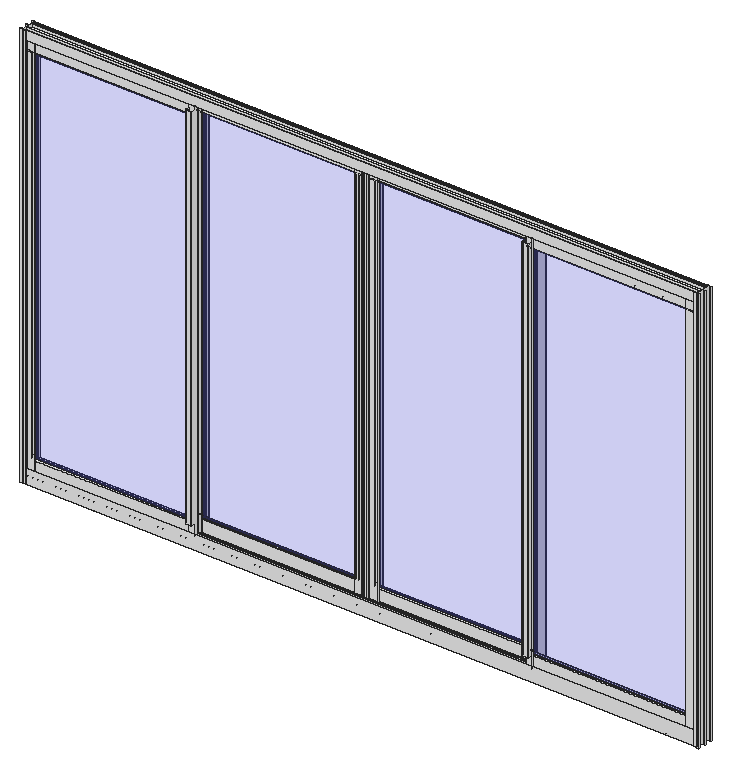
Revit family "Elite_Sliding_Window_XXXX_Standard", category Windows, host Wall, Revit 2014
Parameters (values of type "Elite-3018XXXX-1000Pa")
  Windload Design = if(Custom Windload < 1001 mm, 1000 mm, if(Custom Windload < 1501 mm, 1500 mm, 2000 mm))  # 1000 mm
  Width Sash Side [instance] = 755.75 mm
  Width Sash Middle [instance] = 755.75 mm
  Width = if(Custom Window Width < Limit Window Width Min, Limit Window Width Min, if(Custom Window Width > Limit Window Width Max, Limit Window Width Max, Custom Window Width))  # 2990 mm
  Wall Thickness [instance] = 200 mm
  URL = "http://www.crealco.co.za/crealco-products.php"
  Thermal Resistance (R) [instance] = if(IGDB or SAGDB Number = 1000015, 1.0000 (m²·K)/W / Clearvue U Value, if(IGDB or SAGDB Number = 9922, 1.0000 (m²·K)/W / Energy Advantage U Value, if(IGDB or SAGDB Number = 100100, 1.0000 (m²·K)/W / Intruderprufe U Value, if(IGDB or SAGDB Number = 103200, 1.0000 (m²·K)/W / Intruderprufe LowE U Value, 1.0000 (m²·K)/W / 7.9)))) * 1  # 0.126582 (m²·K)/W
  Solar Heat Gain Coefficient [instance] = if(IGDB or SAGDB Number = 1000015, Clearvue SHGC Value, if(IGDB or SAGDB Number = 9922, Energy Advantage SHGC Value, if(IGDB or SAGDB Number = 100100, Intruderprufe SHGC Value, if(IGDB or SAGDB Number = 103200, Intruderprufe LowE SHGC Value, 0))))  # 0
  Sash Width Middle = (Width - (12 mm * 2) - (2 * Sash Width Sides)) / 2 + 28.5 mm  # 755.75 mm
  Sash Width Sides = if(Equal Sash Width, (Width - (2 mm * 12)) / 4 + (28.5 mm / 2), if(Custom Sash Width Side < Limit Sash Width Side Min, Limit Sash Width Side Min, if(Custom Sash Width Side > Limit Sash Width Side Max, Limit Sash Width Side Max, Custom Sash Width Side)))  # 755.75 mm
  Sash Side Spacing = 1 mm  # constant formula
  Sash Rail Fore Aft Spacing = 5.2 mm  # constant formula
  Sash Height = Height - 29 mm - 54 mm  # 1707 mm
  Sash Frame Seal = 1.3 mm  # constant formula
  Overall Width [instance] = 2990 mm
  Overall Height [instance] = 1790 mm
  Outside Heavy Duty Interlocker = if(Interlocker Configuration = 2 mm, 1 = 1, 1 = 0)  # yes
  Model = "Elite"  # constant formula
  Max Pane Area = if(Area Middle Sash Glazing > Area Side Sash Glazing, Area Middle Sash Glazing, Area Side Sash Glazing)  # 1.12041 m²
  Manufacturer = "Crealco"  # constant formula
  Limit Window Width Min = (4 * Limit Sash Width Min) + (2 mm * 12.5) - (2 * 29.8 mm) + 1.5 mm  # 1166.9 mm
  Limit Window Width Max = if(Windload Design = 1000 mm, 2990 mm, if(Windload Design = 1500 mm, if(Custom Window Height > 1490 mm, 2690 mm, 2990 mm), 2990 mm))  # 2990 mm
  Limit Window Height Min = Limit Sash Height Min + (29 mm + 54 mm)  # 383 mm
  Limit Window Height Max = if(Windload Design = 1000 mm, Limit Sash Height Max + (29 mm + 54 mm), if(Windload Design = 1500 mm, if(and(Custom Window Height > 1490 mm, Custom Window Width > 2690 mm), 1490 mm, Limit Sash Height Max + (29 mm + 54 mm)), 1490 mm))  # 1883 mm
  Limit Sash Width Min = 300 mm  # constant formula
  Limit Sash Width Max = 1500 mm  # constant formula
  Limit Sash Width Side Min = if((Width - (2 mm * 12.5) - (2 * Limit Sash Width Max) + (2 * 29.8 mm) - 1.5 mm) / 2 < Limit Sash Width Min, Limit Sash Width Min, (Width - (2 mm * 12.5) - (2 * Limit Sash Width Max) + (2 * 29.8 mm) - 1.5 mm) / 2)  # 300 mm
  Limit Sash Width Side Max = if((Width - (2 mm * 12.5) - (2 * Limit Sash Width Min) + (2 * 29.8 mm) - 1.5 mm) / 2 > Limit Sash Width Max, Limit Sash Width Max, (Width - (2 mm * 12.5) - (2 * Limit Sash Width Min) + (2 * 29.8 mm) - 1.5 mm) / 2)  # 1211.55 mm
  Limit Sash Height Min = 300 mm  # constant formula
  Limit Sash Height Max = 1800 mm  # constant formula
  Intruderprufe U Value = 6.41
  Intruderprufe SHGC Value = 0.063
  Intruderprufe LowE U Value = 4.8
  Intruderprufe LowE SHGC Value = 0.554
  Interlocker Configuration = if(Windload Design = 1000 mm, if(not(Height > 1190 mm), 0 mm, if(and(Width > 2390 mm, Height > 1490 mm), 2 mm, 1 mm)), if(Windload Design = 1500 mm, if(or(not(Height > 890 mm), and(not(Height > 1190 mm), not(Width > 2690 mm))), 0 mm, if(Height > 1490 mm, 2 mm, 1 mm)), if(not(Height > 890 mm), 0 mm, if(and(Height > 1190 mm, Width > 2390 mm), 2 mm, 1 mm))))  # 2 mm
  IGDB or SAGDB Number [instance] = 0
  Height Sash [instance] = 1707 mm
  Inside Heavy Duty Interlocker = if(or(Interlocker Configuration = 1 mm, Interlocker Configuration = 2 mm), 1 = 1, 1 = 0)  # yes
  Height = if(Custom Window Height < Limit Window Height Min, Limit Window Height Min, if(Custom Window Height > Limit Window Height Max, Limit Window Height Max, Custom Window Height))  # 1790 mm
  Heat Transfer Coefficient (U) [instance] = if(IGDB or SAGDB Number = 1000015, Clearvue U Value, if(IGDB or SAGDB Number = 9922, Energy Advantage U Value, if(IGDB or SAGDB Number = 100100, Intruderprufe U Value, if(IGDB or SAGDB Number = 103200, Intruderprufe LowE U Value, 7.9)))) * 1.0000 W/(m²·K)  # 7.9000 W/(m²·K)
  Glazing Thickness [instance] = if(IGDB or SAGDB Number = 1000015, 4 mm, if(IGDB or SAGDB Number = 9922, 4 mm, if(IGDB or SAGDB Number = 100100, 6 mm, if(IGDB or SAGDB Number = 103200, 7 mm, if(not(Max Pane Area > 0.75 m²), 4 mm, if(not(Max Pane Area > 1.50 m²), 4 mm, if(not(Max Pane Area > 2.10 m²), 5 mm, if(not(Max Pane Area > 2.90 m²), 6.4 mm, if(not(Max Pane Area > 4.30 m²), 8 mm, 10 mm)))))))))  # 4 mm
  Glazing Material [instance] = if(IGDB or SAGDB Number = 1000015, "PFG CLEARVUE 4mm", if(IGDB or SAGDB Number = 9922, "PFG ENERGY ADVANTAGE 4mm LOW-E", if(IGDB or SAGDB Number = 100100, "PFG INTRUDERPRUFE 6.38mm", if(IGDB or SAGDB Number = 103200, "PFG INTRUDERPRUFE LOW-E 7.38mm", "Unknown"))))  # "Unknown"
  Glazing Finish [instance] = Glass
  Glazing Code [instance] = if(IGDB or SAGDB Number = 1000015, "CF4", if(IGDB or SAGDB Number = 9922, "CF4E", if(IGDB or SAGDB Number = 100100, "LAM01", if(IGDB or SAGDB Number = 103200, "LAM01E", "Unknown"))))  # "Unknown"
  Frame Thickness = 70.3 mm  # constant formula
  Frame Offset From Exterior [instance] = if(Centered In Wall, (Wall Thickness - Frame Thickness) / 2, Custom Frame Offset From Exterior)  # 64.85 mm
  Equal Sash Width = yes
  Energy Advantage U Value = 4.95
  Energy Advantage SHGC Value = 0.595
  Description = "Sliding window, XXXX"  # constant formula
  Default Sill Height = 800 mm
  Wall Closure = By host
  Custom Window Width = 2990 mm
  Custom Window Height = 1790 mm
  Custom Windload = 1000 mm
  Custom Sash Width Side = 800 mm
  Custom Frame Offset From Exterior = 0 mm
  Clearvue U Value = 6.54
  Clearvue SHGC Value = 0.664
  Centered In Wall = yes
  Astragal Sash Gap = 0.9 mm  # constant formula
  Area Middle Sash Glazing = (Sash Width Middle - 21 mm - 41 mm) * (Sash Height - (46 mm * 2))  # 1.12041 m²
  Area Side Sash Glazing = (Sash Width Sides - 21 mm - 41 mm) * (Sash Height - (46 mm * 2))  # 1.12041 m²
  Aluminium Finish [instance] = White Powder Coated Aluminium ANP 1052
  All Available Glazing Numbers [instance] = "The rows below list the available glazing materials for this window:"  # constant formula
  9922 [instance] = "CF4E"  # constant formula
  103200 [instance] = "LAM01E"  # constant formula
  100100 [instance] = "LAM01"  # constant formula
  1000015 [instance] = "CF4"  # constant formula
Reference planes
  plane 1 "Center (Front/Back)": y = 0
  plane 2 "Center (Left/Right)": x = 0
  plane 3 "Left": x = -1495
  plane 4 "Right": x = 1495
  plane 5 "Sill": z = 800
  plane 6 "Head": z = 2590
  plane 7 "Exterior": y = 100
  plane 8 "Interior": y = -100
Lines and regions (mm)
  Opening 1
    outline origin (3500, -100, 0) x (1, 0, 0) y (0, 0, 1)
      loop
        line (-2005, 800) -> (-2005, 2590) -> (-4995, 2590) -> (-4995, 800) -> (-2005, 800)
Text (mm)
  text "EXTERIOR" at (-1963.203, 1332.353, 0), in view "Ref. Level"
  text "INTERIOR" at (-1981.466, -818.386, 0), in view "Ref. Level"
  text "Exterior" at (0, 923.751, 2943.296), in view "Right"
  text "Exterior" at (0, 1040.484, 2685.409), in view "Left"
Dimensions and locks
  equal spacing: plane 3 "Left", plane 2 "Center (Left/Right)", plane 4 "Right"
  "Width": plane 3 "Left" to plane 4 "Right"
  "Height": plane 5 "Sill" to plane 6 "Head"
  "Default Sill Height": plane 5 "Sill" to level
  locked: plane 7 "Exterior" to host wall at 0
  locked: plane 8 "Interior" to host wall
  "Overall Height": plane 6 "Head" to plane 5 "Sill"
  "Overall Width": plane 3 "Left" to plane 4 "Right"
  locked: host wall to nested 1 at 35.15
  "Sash Side Spacing": nested 1 to nested 2
  "Sash Side Spacing": nested 3 to nested 1  (x2)
  "Sash Side Spacing": nested 2 to nested 1
  "Sash Rail Fore Aft Spacing": nested 4 to nested 1
  "Sash Rail Fore Aft Spacing": nested 5 to nested 1
  "Width Sash Side": nested 3 to nested 3
  "Height Sash": nested 3 to nested 3
  "Width Sash Middle": nested 5 to nested 5
  "Wall Thickness": host wall to host wall
  aligned and locked: nested 1 to plane 6 "Head"
  aligned and locked: nested 1 to plane 4 "Right"
  aligned and locked: nested 4 to nested 2
  aligned and locked: nested 5 to nested 3
  aligned and locked: nested 5 to nested 1
  aligned and locked: nested 4 to nested 1
  aligned and locked: nested 3 to nested 1
  aligned and locked: nested 2 to nested 1
  aligned and locked: nested 6 to nested 5
  aligned and locked: nested 5 to nested 6  (x2)
Automatic sketch dimensions
  plane 3 "Left" to Opening 1 sketch curve = 0 mm
  plane 4 "Right" to Opening 1 sketch curve = 0 mm
  Opening 1 sketch curve to plane 5 "Sill" = 0 mm
  Opening 1 sketch curve to plane 6 "Head" = 0 mm
Nested families
  nested 1: "Elite_Frame_XXXX_Std" at (-206.5, -54.85, 1480.667), Width <- "Width", Height <- "Height", Profile Material <- "Aluminium Finish", type "Elite_Frame_XXXX_Std"
    with Width 2990 mm, Profile Material White Powder Coated Aluminium ANP 1052, Length Jamb 1790 mm, Length Head & Sill 2967 mm, Height 1790 mm
  nested 2: "Elite_Sash_Inner_XXXX_Std" at (-1482.5, -30.5, 854) x (-1, 0, 0) z (0, 0, 1), Profile Material <- "Aluminium Finish", Glazing Material <- "Glazing Finish", Sash Width <- "Sash Width Sides", Sash Height <- "Sash Height", Glazing Thickness <- "Glazing Thickness", Is Heavy Duty Interlocker <- "Inside Heavy Duty Interlocker", type "Elite_Sash_Inner_XXXX_Std"
    with Sash Width 755.75 mm, Sash Height 1707 mm, Right Sliding yes, Profile Material White Powder Coated Aluminium ANP 1052, Length Sash Head & Sill 739.75 mm, Length Arrow Tip 66.177 mm, Length Arrow 218.383 mm, Left Sliding no, Is Standard Interlocker no, Is Sliding yes, Is Heavy Duty Interlocker yes, Glazing Width 693.75 mm, Glazing Thickness 4 mm, Glazing Start -2 mm, Glazing Material Glass, Glazing Height 1615 mm, Glazing Frame Side Gap 3 mm, Glazing End 2 mm, Arrow Tip Length 66.177 mm, Arrow Left Gap 237.683 mm, Arrow Bottom Gap 807.5 mm
  nested 3: "Elite_Sash_Inner_XXXX_Std" at (1482.5, -30.5, 854), Sash Width <- "Sash Width Sides", Sash Height <- "Sash Height", Profile Material <- "Aluminium Finish", Glazing Material <- "Glazing Finish", Glazing Thickness <- "Glazing Thickness", Is Heavy Duty Interlocker <- "Inside Heavy Duty Interlocker", type "Elite_Sash_Inner_XXXX_Std"
    with Sash Width 755.75 mm, Sash Height 1707 mm, Right Sliding yes, Profile Material White Powder Coated Aluminium ANP 1052, Length Sash Head & Sill 739.75 mm, Length Arrow Tip 66.177 mm, Length Arrow 218.383 mm, Left Sliding no, Is Standard Interlocker no, Is Sliding yes, Is Heavy Duty Interlocker yes, Glazing Width 693.75 mm, Glazing Thickness 4 mm, Glazing Start -2 mm, Glazing Material Glass, Glazing Height 1615 mm, Glazing Frame Side Gap 3 mm, Glazing End 2 mm, Arrow Tip Length 66.177 mm, Arrow Left Gap 237.683 mm, Arrow Bottom Gap 807.5 mm
  nested 4: "Elite_Sash_Outer_XXXX_Std" at (-0.8, 30.15, 854), Sash Width <- "Sash Width Middle", Sash Height <- "Sash Height", Profile Material <- "Aluminium Finish", Glazing Material <- "Glazing Finish", Glazing Thickness <- "Glazing Thickness", Is Heavy Duty Interlocker <- "Outside Heavy Duty Interlocker", type "Elite_Sash_Outer_XXXX_Std"
    with Sash Width 755.75 mm, Sash Height 1707 mm, Right Sliding yes, Profile Material White Powder Coated Aluminium ANP 1052, Length Sash Head & Sill 739.75 mm, Length Arrow Tip 66.177 mm, Length Arrow 218.383 mm, Left Sliding no, Is Standard Interlocker no, Is Sliding yes, Is Heavy Duty Interlocker yes, Glazing Width 693.75 mm, Glazing Thickness 4 mm, Glazing Start -2 mm, Glazing Material Glass, Glazing Height 1615 mm, Glazing Frame Side Gap 3 mm, Glazing End 2 mm, Arrow Tip Length 66.177 mm, Arrow Left Gap 237.683 mm, Arrow Bottom Gap 807.5 mm
  nested 5: "Elite_Sash_Outer_XXXX_Std" at (0.8, 30.15, 854) x (-1, 0, 0) z (0, 0, 1), Sash Width <- "Sash Width Middle", Sash Height <- "Sash Height", Profile Material <- "Aluminium Finish", Glazing Material <- "Glazing Finish", Glazing Thickness <- "Glazing Thickness", Is Heavy Duty Interlocker <- "Outside Heavy Duty Interlocker", type "Elite_Sash_Outer_XXXX_Std"
    with Sash Width 755.75 mm, Sash Height 1707 mm, Right Sliding yes, Profile Material White Powder Coated Aluminium ANP 1052, Length Sash Head & Sill 739.75 mm, Length Arrow Tip 66.177 mm, Length Arrow 218.383 mm, Left Sliding no, Is Standard Interlocker no, Is Sliding yes, Is Heavy Duty Interlocker yes, Glazing Width 693.75 mm, Glazing Thickness 4 mm, Glazing Start -2 mm, Glazing Material Glass, Glazing Height 1615 mm, Glazing Frame Side Gap 3 mm, Glazing End 2 mm, Arrow Tip Length 66.177 mm, Arrow Left Gap 237.683 mm, Arrow Bottom Gap 807.5 mm
  nested 6: "Elite_Meeting_Stile_Adaptor_XXXX_Std" at (-9.95, 45.45, 854) x (0, -1, 0) z (0, 0, 1), Profile Material <- "Aluminium Finish", Length Meeting Stile Adaptor <- "Sash Height", type "Elite_Meeting_Stile_Adaptor_XXXX_Std"
    with Profile Material White Powder Coated Aluminium ANP 1052, Length Meeting Stile Adaptor 1707 mm
Definition of nested family "Elite_Frame_XXXX_Std"
  Parameters (values of type "Elite_Frame_OXXO_XOX")
    Width [instance] = 1200 mm
    Profile Material [instance] = none
    Length Jamb [instance] = Height  # 900 mm
    Length Head & Sill [instance] = Width - 2 * 11.5 mm  # 1177 mm
    Height [instance] = 900 mm
  Reference planes
    plane 1 "Center (Front/Back)": y = 0
    plane 2: z = 0
    plane 3 "Center (Left/Right)": x = 0
  Dimensions and locks
    aligned and locked: level to plane 2
    aligned and locked: nested 4 to nested 2
    aligned and locked: nested 2 to nested 4  (x2)
    aligned and locked: nested 3 to nested 2  (x3)
    aligned and locked: nested 1 to nested 4  (x2)
    aligned and locked: nested 4 to nested 1
  Nested families
    nested 1: "Elite_Frame_Head" at (-1277, 21.2, 968.793), Length Frame Head <- "Length Head & Sill", Profile Material <- "Profile Material", type "Elite_Frame_Head"
      with Profile Material none, Length Frame Head 1177 mm
    nested 2: "Elite_Frame_Sill" at (-100, 88.2, 209.333) x (-1, 0, 0) z (0, 0, 1), Profile Material <- "Profile Material", Length Frame Sill <- "Length Head & Sill", type "Elite_Frame_Sill"
      with Profile Material none, Length Frame Sill 1177 mm
    nested 3: "Elite_Frame_Jamb" at (-1264, 19.7, 209.333) x (0, 1, 0) z (0, 0, 1), Profile Material <- "Profile Material", Length Frame Jamb <- "Length Jamb", type "Elite_Frame_Jamb"
      with Profile Material none, Length Frame Jamb 900 mm
    nested 4: "Elite_Frame_Jamb_Mirror" at (-113, 90, 209.333) x (0, -1, 0) z (0, 0, 1), Profile Material <- "Profile Material", Length Frame Jamb <- "Length Jamb", type "Elite_Frame_Jamb_Mirror"
      with Profile Material none, Length Frame Jamb 900 mm
  Definition of nested family "Elite_Frame_Head"
    Parameters (values of type "Elite_Frame_Head")
      Profile Material [instance] = none
      Length Frame Head [instance] = 250 mm
    Reference planes
      plane 1 "Center (Front/Back)": y = 0
      plane 2: z = 0
      plane 3 "Center (Left/Right)": x = 0
    Forms (mm)
      Extrusion 1, solid, material <- "Profile Material"
        sketch origin (0, 0, 0) x (0, 1, 0) y (0, 0, 1)
          loop
            line (11.5, 102.54) -> (20.5, 102.54) -> (20.5, 111.54) -> (19.1, 111.54) -> (19.1, 103.94) -> (12.9, 103.94) -> (12.9, 128.64) -> (54.1, 128.64) -> (54.1, 103.94) -> (47.9, 103.94) -> (47.9, 111.54) -> (46.5, 111.54) -> (46.5, 102.54) -> (55.5, 102.54) -> (55.5, 128.64) -> (65.5, 128.64) -> (65.5, 102.54) -> (67, 102.54) -> (67, 140.54) -> (61.65, 140.54) -> (61.65, 139.14) -> (65.5, 139.14) -> (65.5, 130.04) -> (49.298, 130.04) -> (49.298, 140.54) -> (47.9, 140.54) -> (47.9, 130.04) -> (19.1, 130.04) -> (19.1, 140.54) -> (17.7, 140.54) -> (17.7, 130.04) -> (1.5, 130.04) -> (1.5, 139.14) -> (5.35, 139.14) -> (5.35, 140.54) -> (0, 140.54) -> (0, 102.54) -> (1.5, 102.54) -> (1.5, 128.64) -> (11.5, 128.64) -> (11.5, 102.54)
        from 0 to 250 <- "Length Frame Head"
    Dimensions and locks
      aligned and locked: level to plane 2
  Definition of nested family "Elite_Frame_Sill"
    Parameters (values of type "Elite_Frame_Sill")
      Profile Material [instance] = none
      Length Frame Sill [instance] = 250 mm
    Reference planes
      plane 1 "Center (Front/Back)": y = 0
      plane 2: z = 0
      plane 3 "Center (Left/Right)": x = 0
    Forms (mm)
      Extrusion 1, solid, material <- "Profile Material"
        sketch origin (0, 0, 0) x (0, 1, 0) y (0, 0, 1)
          loop
            line (20.5, 61.807) -> (15.922, 62.99) -> (11.5, 61.805) -> (11.5, 54) -> (12.9, 54) -> (12.9, 60.734) -> (16.078, 61.54) -> (19.1, 60.731) -> (19.1, 37) -> (12.88, 36.997) -> (0, 35.262) -> (0, 11.5) -> (1.4, 11.5) -> (1.4, 15) -> (12, 15) -> (12, 0) -> (17, 0) -> (17, 1) -> (13.4, 1) -> (13.4, 5) -> (17, 5) -> (17, 6) -> (13.4, 6) -> (13.4, 18.532) -> (65.6, 20.009) -> (65.6, 6) -> (62, 6) -> (62, 5) -> (65.6, 5) -> (65.6, 1) -> (62, 1) -> (62, 0) -> (67, 0) -> (67, 63) -> (65.6, 63) -> (65.6, 37) -> (55.5, 37) -> (55.5, 61.807) -> (50.922, 62.99) -> (46.5, 61.805) -> (46.5, 54) -> (47.9, 54) -> (47.9, 60.734) -> (51.078, 61.54) -> (54.1, 60.731) -> (54.1, 37) -> (20.5, 37) -> (20.5, 61.807)
          loop
            line (65.6, 35.6) -> (12.994, 35.6) -> (1.4, 34.038) -> (1.4, 16.4) -> (12, 16.4) -> (12, 19.893) -> (65.6, 21.409) -> (65.6, 35.6)
        from 0 to 250 <- "Length Frame Sill"
    Dimensions and locks
      aligned and locked: level to plane 2
  Definition of nested family "Elite_Frame_Jamb"
    Parameters (values of type "Elite_Frame_Jamb")
      Void Spacing Top = 13 mm  # constant formula
      Void Spacing Bottom = 38 mm  # constant formula
      Void Cut Length = 13 mm  # constant formula
      Profile Material [instance] = none
      Length Frame Jamb [instance] = 250 mm
    Reference planes
      plane 1 "Center (Front/Back)": y = 0
      plane 2: z = 0
      plane 3 "Center (Left/Right)": x = 0
    Forms (mm)
      Extrusion 1, solid, material <- "Profile Material"
        sketch origin (-5.594, -3.252, 0) x (1, 0, 0) y (0, 1, 0)
          loop
            line (7.094, 26.252) -> (12.594, 26.252) -> (12.594, 27.752) -> (5.594, 27.752) -> (5.594, 3.252) -> (7.094, 3.252) -> (7.094, 16.252) -> (14.744, 16.252) -> (14.744, 10.793) -> (17.03, 3.252) -> (18.599, 3.252) -> (15.994, 11.791) -> (15.994, 16.252) -> (30.494, 16.252) -> (30.494, 11.791) -> (27.888, 3.252) -> (29.457, 3.252) -> (31.744, 10.75) -> (31.744, 16.252) -> (74.394, 16.252) -> (74.394, 3.252) -> (75.894, 3.252) -> (75.894, 27.752) -> (68.894, 27.752) -> (68.894, 26.252) -> (74.394, 26.252) -> (74.394, 17.752) -> (41.394, 17.752) -> (41.394, 27.752) -> (40.094, 27.752) -> (40.094, 17.752) -> (7.094, 17.752) -> (7.094, 26.252)
        from 0 to 250 <- "Length Frame Jamb"
      Extrusion 2, void
        sketch origin (68.8, 0, 0) x (-1, 0, 0) y (0, 0, 1)
          loop
            line (59.65, 250) -> (42.649, 250) -> (42.649, 237) -> (59.65, 237) -> (59.65, 250)
          loop
            line (42.649, 0) -> (59.65, 0) -> (59.65, 38) -> (42.649, 38) -> (42.649, 0)
        from 0 to 13 <- "Void Cut Length"
    Cuts and joins
      Extrusion 2 cuts Extrusion 1
    Dimensions and locks
      "Void Spacing Bottom": Extrusion 2 sketch curve to Extrusion 2 sketch curve
      "Void Spacing Top": Extrusion 2 sketch curve to Extrusion 2 sketch curve
      aligned and locked: level to plane 2
      aligned and locked: Extrusion 2 sketch curve to Extrusion 1  (x6)
    Automatic sketch dimensions
      plane 1 "Center (Front/Back)" to Extrusion 1 sketch curve = 0 mm  (x4)
      Extrusion 1 sketch curve to plane 3 "Center (Left/Right)" = 0 mm
      plane 3 "Center (Left/Right)" to Extrusion 1 sketch curve = 1.5 mm  (x2)
      Extrusion 1 sketch curve to Extrusion 1 sketch curve = 5.5 mm  (x2)
      Extrusion 1 sketch curve to Extrusion 1 sketch curve = 7.65 mm
      Extrusion 1 sketch curve to Extrusion 1 sketch curve = 1.25 mm
      Extrusion 1 sketch curve to Extrusion 1 sketch curve = 2.287 mm
      Extrusion 1 sketch curve to Extrusion 1 sketch curve = 1.569 mm
      Extrusion 1 sketch curve to Extrusion 1 sketch curve = 9.29 mm
      Extrusion 1 sketch curve to Extrusion 1 sketch curve = 1.568 mm
      Extrusion 1 sketch curve to Extrusion 1 sketch curve = 1.037 mm
      Extrusion 1 sketch curve to plane 1 "Center (Front/Back)" = 7.498 mm
      Extrusion 1 sketch curve to Extrusion 1 sketch curve = 1.251 mm
      Extrusion 1 sketch curve to Extrusion 1 sketch curve = 8.349 mm
      Extrusion 1 sketch curve to Extrusion 1 sketch curve = 1.3 mm
      Extrusion 1 sketch curve to Extrusion 1 sketch curve = 27.5 mm
      Extrusion 1 sketch curve to Extrusion 1 sketch curve = 0 mm  (x3)
      Extrusion 1 sketch curve to Extrusion 1 sketch curve = 1.5 mm  (x5)
      Extrusion 1 sketch curve to plane 1 "Center (Front/Back)" = 7.54 mm
      Extrusion 1 sketch curve to Extrusion 1 sketch curve = 0.998 mm
      Extrusion 1 sketch curve to Extrusion 1 sketch curve = 1.041 mm
      Extrusion 1 sketch curve to Extrusion 1 sketch curve = 4.461 mm
      Extrusion 1 sketch curve to Extrusion 1 sketch curve = 8.5 mm  (x2)
      Extrusion 1 sketch curve to Extrusion 1 sketch curve = 10 mm
  Definition of nested family "Elite_Frame_Jamb_Mirror"
    Parameters (values of type "Elite_Frame_Jamb_Mirror")
      Void Spacing Top = 13 mm  # constant formula
      Void Spacing Bottom = 38 mm  # constant formula
      Void Cut Length = 13 mm  # constant formula
      Profile Material [instance] = none
      Length Frame Jamb [instance] = 250 mm
    Reference planes
      plane 1 "Center (Front/Back)": y = 0
      plane 2: z = 0
      plane 3 "Center (Left/Right)": x = 0
    Forms (mm)
      Extrusion 1, solid, material <- "Profile Material"
        sketch origin (-5.594, -3.252, 0) x (1, 0, 0) y (0, 1, 0)
          loop
            line (74.394, 26.252) -> (74.394, 17.752) -> (41.394, 17.752) -> (41.394, 27.752) -> (40.094, 27.752) -> (40.094, 17.752) -> (7.094, 17.752) -> (7.094, 26.252) -> (12.594, 26.252) -> (12.594, 27.752) -> (5.594, 27.752) -> (5.594, 3.252) -> (7.094, 3.252) -> (7.094, 16.252) -> (49.743, 16.252) -> (49.743, 10.75) -> (52.03, 3.252) -> (53.599, 3.252) -> (50.994, 11.791) -> (50.994, 16.252) -> (65.494, 16.252) -> (65.494, 11.791) -> (62.888, 3.252) -> (64.457, 3.252) -> (66.744, 10.793) -> (66.744, 16.252) -> (74.394, 16.252) -> (74.394, 3.252) -> (75.894, 3.252) -> (75.894, 27.752) -> (68.894, 27.752) -> (68.894, 26.252) -> (74.394, 26.252)
        from 0 to 250 <- "Length Frame Jamb"
      Extrusion 2, void
        sketch origin (70.3, 0, 0) x (1, 0, 0) y (0, 0, -1)
          loop
            line (-26.151, -237) -> (-26.151, -250) -> (-9.15, -250) -> (-9.15, -237) -> (-26.151, -237)
          loop
            line (-26.151, -38) -> (-9.15, -38) -> (-9.15, 0) -> (-26.151, 0) -> (-26.151, -38)
        from 0 to 13 <- "Void Cut Length"
    Cuts and joins
      Extrusion 2 cuts Extrusion 1
    Dimensions and locks
      "Void Spacing Top": Extrusion 2 sketch curve to Extrusion 2 sketch curve
      "Void Spacing Bottom": Extrusion 2 sketch curve to Extrusion 2 sketch curve
      aligned and locked: level to plane 2
      aligned and locked: Extrusion 1 to Extrusion 2 sketch curve  (x2)
      aligned and locked: Extrusion 2 sketch curve to Extrusion 1
      aligned and locked: Extrusion 2 sketch curve to cut or joined group of Extrusion 1, Extrusion 2  (x3)
    Automatic sketch dimensions
      Extrusion 1 sketch curve to plane 3 "Center (Left/Right)" = 0 mm
      plane 1 "Center (Front/Back)" to Extrusion 1 sketch curve = 0 mm  (x4)
      plane 3 "Center (Left/Right)" to Extrusion 1 sketch curve = 1.5 mm  (x2)
      Extrusion 1 sketch curve to Extrusion 1 sketch curve = 5.5 mm  (x2)
      Extrusion 1 sketch curve to Extrusion 1 sketch curve = 27.5 mm
      Extrusion 1 sketch curve to Extrusion 1 sketch curve = 1.3 mm
      Extrusion 1 sketch curve to Extrusion 1 sketch curve = 8.349 mm
      Extrusion 1 sketch curve to Extrusion 1 sketch curve = 1.251 mm
      Extrusion 1 sketch curve to Extrusion 1 sketch curve = 2.288 mm
      Extrusion 1 sketch curve to Extrusion 1 sketch curve = 1.568 mm
      Extrusion 1 sketch curve to Extrusion 1 sketch curve = 9.29 mm
      Extrusion 1 sketch curve to Extrusion 1 sketch curve = 1.569 mm
      Extrusion 1 sketch curve to Extrusion 1 sketch curve = 1.037 mm
      Extrusion 1 sketch curve to Extrusion 1 sketch curve = 1.25 mm
      Extrusion 1 sketch curve to Extrusion 1 sketch curve = 2.15 mm
      Extrusion 1 sketch curve to Extrusion 1 sketch curve = 0 mm  (x3)
      Extrusion 1 sketch curve to Extrusion 1 sketch curve = 1.5 mm  (x5)
      Extrusion 1 sketch curve to plane 1 "Center (Front/Back)" = 7.498 mm
      Extrusion 1 sketch curve to plane 1 "Center (Front/Back)" = 7.54 mm
      Extrusion 1 sketch curve to Extrusion 1 sketch curve = 0.998 mm
      Extrusion 1 sketch curve to Extrusion 1 sketch curve = 1.041 mm
      Extrusion 1 sketch curve to Extrusion 1 sketch curve = 4.461 mm
      Extrusion 1 sketch curve to Extrusion 1 sketch curve = 8.5 mm  (x2)
      Extrusion 1 sketch curve to Extrusion 1 sketch curve = 10 mm
Definition of nested family "Elite_Sash_Inner_XXXX_Std"
  Parameters (values of type "Elit_Sash_Inner")
    Top&Bottom Side Spacing = 14.5 mm  # constant formula
    Sash Width [instance] = 1500 mm
    Sash Height [instance] = 1200 mm
    Right Sliding [instance] = yes
    Profile Material [instance] = White Powder Coated Aluminium ANP 1052
    Overlap Gap = 1.4 mm  # constant formula
    Middle of Glazing = 13 mm  # constant formula
    Length Sash Head & Sill [instance] = Sash Width - 14.5 mm - 1.5 mm  # 1484 mm
    Length Arrow Tip [instance] = Length Arrow / 3.3  # 141.354 mm
    Length Arrow [instance] = (Sash Width - (2 * 50.3 mm)) / 3  # 466.467 mm
    Left Sliding [instance] = yes
    Is Standard Interlocker [instance] = not(Is Heavy Duty Interlocker)  # no
    Is Sliding [instance] = if(or(Right Sliding, Left Sliding), 1 = 1, 1 = 2)  # yes
    Is Heavy Duty Interlocker [instance] = yes
    Glazing Width [instance] = Sash Width - 21 mm - 41 mm  # 1438 mm
    Glazing Thickness [instance] = 6.4 mm
    Glazing Start [instance] = -Glazing Thickness / 2  # -3.2 mm
    Glazing Side Spacing = 41 mm  # constant formula
    Glazing Profile Gap = 459.05 mm
    Glazing Material [instance] = Glass
    Glazing Height [instance] = Sash Height - (46 mm * 2)  # 1108 mm
    Glazing Frame Side Gap [instance] = (10 mm - Glazing Thickness) / 2  # 1.8 mm
    Glazing Frame Gap = 5 mm  # constant formula
    Glazing End [instance] = Glazing Thickness / 2  # 3.2 mm
    Glazing Edge Interlocker Gap = 17 mm  # constant formula
    Glazing Edge Bottom and Top Gap = 46 mm  # constant formula
    Arrow Tip Length [instance] = if((Sash Height - (2 * 50.3 mm)) / 8 > Length Arrow / 3.3, Length Arrow / 3.3, (Sash Height - (2 * 50.3 mm)) / 8)  # 137.425 mm
    Arrow Tip Angle = 45.00°
    Arrow Left Gap [instance] = (Sash Width - 21 mm - 41 mm - Length Arrow) / 2  # 485.767 mm
    Arrow Bottom Gap [instance] = Sash Height / 2 - 46 mm  # 554 mm
    1.5 Spacing = 1.5 mm  # constant formula
  Reference planes
    plane 1 "Center (Front/Back)": y = 0
    plane 2: z = 0
    plane 3 "Center (Left/Right)": x = 0
    plane 4: y = -13
  Forms (mm)
    Extrusion 1, solid, material "Glass" <- "Glazing Material"
      sketch origin (-1492.688, -13, 1709.9) x (-1, 0, 0) y (0, 0, 1)
        loop
          line (-13.688, -555.9) -> (-1451.688, -555.9) -> (-1451.688, -1663.9) -> (-13.688, -1663.9) -> (-13.688, -555.9)
      from -3.2 <- "Glazing Start" to 3.2 <- "Glazing End"
  Lines and regions (mm)
    model lines, visible <- "Is Sliding"
      curve 1: line (-993.233, -16.2, 600) -> (-526.767, -16.2, 600)
    model lines, visible <- "Left Sliding"
      curve 2: line (-526.767, -16.2, 600) -> (-623.941, -16.2, 697.174)
      curve 3: line (-526.767, -16.2, 600) -> (-623.941, -16.2, 502.826)
    model lines, visible <- "Right Sliding"
      curve 4: line (-993.233, -16.2, 600) -> (-893.281, -16.2, 699.952)
      curve 5: line (-993.233, -16.2, 600) -> (-893.281, -16.2, 500.048)
  Dimensions and locks
    "Length Arrow": curve 1 to curve 1
    "Arrow Left Gap": Extrusion 1 to curve 1
    "Arrow Bottom Gap": Extrusion 1 to curve 1
    "Arrow Tip Length": curve 3 to curve 2
    "Arrow Tip Length": curve 3 to curve 3
    "Length Arrow Tip": curve 5 to curve 5
    "Length Arrow Tip": curve 5 to curve 4
    "Middle of Glazing": plane 4 to plane 1 "Center (Front/Back)"
    "Glazing Width": Extrusion 1 to Extrusion 1
    "Glazing Height": Extrusion 1 to Extrusion 1
    "Sash Width": nested 2 to plane 3 "Center (Left/Right)"
    "Glazing Side Spacing": Extrusion 1 to plane 3 "Center (Left/Right)"
    "1.5 Spacing": nested 3 to plane 1 "Center (Front/Back)"
    "Top&Bottom Side Spacing": nested 3 to plane 3 "Center (Left/Right)"
    "Top&Bottom Side Spacing": nested 4 to plane 3 "Center (Left/Right)"
    "1.5 Spacing": nested 4 to plane 1 "Center (Front/Back)"
    "Sash Height": nested 3 to plane 2
    "Glazing Edge Bottom and Top Gap": plane 2 to Extrusion 1
    "Sash Width": nested 5 to plane 3 "Center (Left/Right)"
    "Arrow Tip Angle": angle curve 3 to curve 1
    "Arrow Tip Angle": angle curve 1 to curve 2
    "Arrow Tip Angle": angle curve 4 to curve 1
    "Arrow Tip Angle": angle curve 1 to curve 5
    aligned and locked: level to plane 2
    aligned and locked: plane 3 "Center (Left/Right)" to nested 1
    aligned and locked: nested 1 to plane 2
    aligned and locked: nested 4 to plane 2
    aligned and locked: nested 2 to plane 2
    aligned and locked: nested 2 to plane 1 "Center (Front/Back)"
    aligned and locked: nested 5 to plane 1 "Center (Front/Back)"
    aligned and locked: nested 5 to plane 2
  Automatic sketch dimensions
    Extrusion 1 sketch curve to Extrusion 1 sketch curve = 1108 mm
    level to Extrusion 1 sketch curve = 46 mm
    Extrusion 1 sketch curve to plane 3 "Center (Left/Right)" = 41 mm
    Extrusion 1 sketch curve to Extrusion 1 sketch curve = 1438 mm
  Nested families
    nested 1: "Elite_Lock_Stile" at (0, -26, 0) x (0, 1, 0) z (0, 0, 1), Profile Material <- "Profile Material", Length Lock Stile <- "Sash Height", type "Elite_Lock_Stile"
      with Profile Material White Powder Coated Aluminium ANP 1052, Length Lock Stile 1200 mm
    nested 2: "Elite_Interlocker" at (-1506.667, 6.916, 0) x (0, -1, 0) z (0, 0, 1), Profile Material <- "Profile Material", Length Interlocker <- "Sash Height", visible <- "Is Standard Interlocker", type "Elite_Interlocker"
      with Profile Material White Powder Coated Aluminium ANP 1052, Length Interlocker 1200 mm
    nested 3: "Elite_Sash_Top" at (-1498.5, -24.2, 1052), Profile Material <- "Profile Material", Length Sash Top <- "Length Sash Head & Sill", type "Elite_Sash_Top"
      with Profile Material White Powder Coated Aluminium ANP 1052, Length Sash Top 1484 mm
    nested 4: "Elite_Sash_Bottom" at (-1498.5, -24.2, 0), Profile Material <- "Profile Material", Length Sash Bottom <- "Length Sash Head & Sill", type "Elite_Sash_Bottom"
      with Profile Material White Powder Coated Aluminium ANP 1052, Length Sash Bottom 1484 mm
    nested 5: "Elite_Heavy_Duty_Interlocker_Inside" at (-1500, 20, 0) x (0, -1, 0) z (0, 0, 1), Length Heavy Duty Interlocker <- "Sash Height", Profile Material <- "Profile Material", visible <- "Is Heavy Duty Interlocker", type "Elite_Heavy_Duty_Interlocker_Inside"
      with Profile Material White Powder Coated Aluminium ANP 1052, Length Heavy Duty Interlocker 1200 mm
  Definition of nested family "Elite_Lock_Stile"
    Parameters (values of type "Elite_Lock_Stile")
      Width Rail Cut = 13 mm  # constant formula
      Side Gap Rail Cut = 5 mm  # constant formula
      Profile Material [instance] = none
      Length Lock Stile [instance] = 250 mm
      Height Rail Cut = 26 mm  # constant formula
      Height Large Cut = 55 mm  # constant formula
    Reference planes
      plane 1 "Center (Front/Back)": y = 0
      plane 2: z = 0
      plane 3 "Center (Left/Right)": x = 0
    Forms (mm)
      Extrusion 1, solid, material <- "Profile Material"
        sketch origin (0, 0, 0) x (1, 0, 0) y (0, 1, 0)
          loop
            line (0, 0) -> (3.5, 0) -> (3.5, 2.4) -> (2.5, 2.4) -> (2.5, 1.2) -> (1.2, 1.2) -> (1.2, 8.8) -> (2.5, 8.8) -> (2.5, 7.6) -> (3.5, 7.6) -> (3.5, 10) -> (1.5, 10) -> (1.5, 13) -> (24.5, 13) -> (24.5, 10) -> (22.5, 10) -> (22.5, 7.6) -> (23.5, 7.6) -> (23.5, 8.8) -> (24.8, 8.8) -> (24.8, 1.2) -> (23.5, 1.2) -> (23.5, 2.4) -> (22.5, 2.4) -> (22.5, 0) -> (26, 0) -> (26, 49.8) -> (24.5, 49.8) -> (24.5, 49) -> (18, 49) -> (18, 43) -> (19.5, 43) -> (19.5, 47.5) -> (24.5, 47.5) -> (24.5, 36) -> (1.5, 36) -> (1.5, 47.5) -> (6.5, 47.5) -> (6.5, 43) -> (8, 43) -> (8, 49) -> (1.5, 49) -> (1.5, 49.8) -> (0, 49.8) -> (0, 0)
          loop
            line (1.5, 14.5) -> (24.5, 14.5) -> (24.5, 34.5) -> (13, 34.5) -> (1.5, 34.5) -> (1.5, 14.5)
        from 0 to 250 <- "Length Lock Stile"
      Extrusion 2, void
        sketch origin (24.4, 49, 0) x (1, 0, 0) y (0, 0, 1)
          loop
            line (0.1, 250) -> (-22.9, 250) -> (-22.9, 195) -> (0.1, 195) -> (0.1, 250)
          loop
            line (-22.9, 0) -> (0.1, 0) -> (0.1, 55) -> (-22.9, 55) -> (-22.9, 0)
        from 0 to 25
      Extrusion 3, void
        sketch origin (13, 14.5, 0) x (1, 0, 0) y (0, 0, 1)
          loop
            line (6.5, 250) -> (-6.5, 250) -> (-6.5, 224) -> (6.5, 224) -> (6.5, 250)
          loop
            line (6.5, 0) -> (6.5, 26) -> (-6.5, 26) -> (-6.5, 0) -> (6.5, 0)
        from 0 to 250
    Cuts and joins
      Extrusion 2, Extrusion 3 cuts Extrusion 1
    Dimensions and locks
      "Height Large Cut": Extrusion 2 sketch curve to Extrusion 2 sketch curve  (x2)
      "Height Rail Cut": Extrusion 3 sketch curve to Extrusion 3 sketch curve  (x2)
      "Width Rail Cut": Extrusion 3 sketch curve to Extrusion 3 sketch curve  (x2)
      "Side Gap Rail Cut": Extrusion 3 sketch curve to cut or joined group of Extrusion 1, Extrusion 2, Extrusion 3  (x2)
      aligned and locked: level to plane 2
      aligned and locked: Extrusion 1 to Extrusion 2 sketch curve  (x2)
      aligned and locked: Extrusion 2 sketch curve to Extrusion 1  (x4)
      aligned and locked: Extrusion 3 sketch curve to cut or joined group of Extrusion 1, Extrusion 2, Extrusion 3
      aligned and locked: cut or joined group of Extrusion 1, Extrusion 2, Extrusion 3 to Extrusion 3 sketch curve
    Automatic sketch dimensions
      Extrusion 1 sketch curve to plane 3 "Center (Left/Right)" = 0 mm
      plane 1 "Center (Front/Back)" to Extrusion 1 sketch curve = 0 mm  (x2)
      plane 3 "Center (Left/Right)" to Extrusion 1 sketch curve = 1.2 mm
      plane 3 "Center (Left/Right)" to Extrusion 1 sketch curve = 1.5 mm  (x2)
      Extrusion 1 sketch curve to Extrusion 1 sketch curve = 0 mm  (x4)
      Extrusion 1 sketch curve to Extrusion 1 sketch curve = 0.3 mm  (x2)
      Extrusion 1 sketch curve to Extrusion 1 sketch curve = 1.3 mm  (x2)
      Extrusion 1 sketch curve to Extrusion 1 sketch curve = 1 mm  (x4)
      Extrusion 1 sketch curve to Extrusion 1 sketch curve = 5 mm  (x4)
      Extrusion 1 sketch curve to Extrusion 1 sketch curve = 1.5 mm  (x6)
      Extrusion 1 sketch curve to plane 1 "Center (Front/Back)" = 2.4 mm
      Extrusion 1 sketch curve to Extrusion 1 sketch curve = 19 mm
      Extrusion 1 sketch curve to Extrusion 1 sketch curve = 2 mm
      Extrusion 1 sketch curve to Extrusion 1 sketch curve = 1.2 mm  (x6)
      Extrusion 1 sketch curve to plane 1 "Center (Front/Back)" = 1.2 mm  (x2)
      Extrusion 1 sketch curve to Extrusion 1 sketch curve = 5.2 mm  (x2)
      Extrusion 1 sketch curve to Extrusion 1 sketch curve = 3 mm
      Extrusion 1 sketch curve to Extrusion 1 sketch curve = 20 mm
      Extrusion 1 sketch curve to Extrusion 1 sketch curve = 7 mm  (x2)
      Extrusion 1 sketch curve to Extrusion 1 sketch curve = 4.5 mm  (x2)
      Extrusion 1 sketch curve to Extrusion 1 sketch curve = 0.8 mm  (x2)
  Definition of nested family "Elite_Interlocker"
    Parameters (values of type "Elite_Interlocker")
      Rail Cut Width = 13 mm  # constant formula
      Rail Cut Side Spacing = 5 mm  # constant formula
      Rail Cut Height = 26 mm  # constant formula
      Profile Material [instance] = none
      Length Interlocker [instance] = 250 mm
      Large Cut Height = 55 mm  # constant formula
    Reference planes
      plane 1 "Center (Front/Back)": y = 0
      plane 2: z = 0
      plane 3 "Center (Left/Right)": x = 0
    Forms (mm)
      Extrusion 1, solid, material <- "Profile Material"
        sketch origin (0, 0, 0) x (1, 0, 0) y (0, 1, 0)
          loop
            line (6.916, 36.467) -> (6.916, 6.667) -> (39.416, 6.667) -> (39.416, 9.551) -> (38.416, 9.551) -> (38.416, 8.167) -> (37.116, 8.167) -> (37.116, 9.551) -> (36.116, 9.551) -> (36.116, 8.167) -> (32.916, 8.167) -> (32.916, 15.167) -> (36.116, 15.167) -> (36.116, 13.78) -> (37.116, 13.78) -> (37.116, 15.167) -> (38.416, 15.167) -> (38.416, 13.78) -> (39.416, 13.78) -> (39.416, 25.167)
            arc (39.416, 25.167) -> (38.973, 25.663) -> (38.429, 25.28) r 0.5
            line (38.429, 25.28) -> (36.426, 16.667) -> (32.916, 16.667) -> (32.916, 36.467) -> (31.416, 36.467) -> (31.416, 35.667) -> (24.916, 35.667) -> (24.916, 29.667) -> (26.416, 29.667) -> (26.416, 34.167) -> (31.416, 34.167) -> (31.416, 22.667) -> (19.916, 22.667) -> (8.416, 22.667) -> (8.416, 34.167) -> (13.416, 34.167) -> (13.416, 29.667) -> (14.916, 29.667) -> (14.916, 35.667) -> (8.416, 35.667) -> (8.416, 36.467) -> (6.916, 36.467)
          loop
            line (8.416, 21.167) -> (8.416, 8.167) -> (31.416, 8.167) -> (31.416, 21.167) -> (19.916, 21.167) -> (8.416, 21.167)
        from 0 to 250 <- "Length Interlocker"
      Extrusion 2, void
        sketch origin (14.616, 35.667, 0) x (1, 0, 0) y (0, 0, 1)
          loop
            line (11.8, 250) -> (-1.2, 250) -> (-1.2, 224) -> (11.8, 224) -> (11.8, 250)
          loop
            line (-1.2, 0) -> (11.8, 0) -> (11.8, 26) -> (-1.2, 26) -> (-1.2, 0)
        from 0 to 250
      Extrusion 3, void
        sketch origin (31.316, 35.667, 0) x (1, 0, 0) y (0, 0, 1)
          loop
            line (0.1, 250) -> (-22.9, 250) -> (-22.9, 195) -> (0.1, 195) -> (0.1, 250)
          loop
            line (-22.9, 0) -> (0.1, 0) -> (0.1, 55) -> (-22.9, 55) -> (-22.9, 0)
        from 0 to 25
    Cuts and joins
      Extrusion 2, Extrusion 3 cuts Extrusion 1
    Dimensions and locks
      "Rail Cut Width": Extrusion 2 sketch curve to Extrusion 2 sketch curve  (x2)
      "Rail Cut Side Spacing": Extrusion 2 sketch curve to Extrusion 1  (x2)
      "Rail Cut Height": Extrusion 2 sketch curve to Extrusion 2 sketch curve  (x2)
      "Large Cut Height": Extrusion 3 sketch curve to Extrusion 3 sketch curve  (x2)
      aligned and locked: level to plane 2
      aligned and locked: Extrusion 1 to Extrusion 2 sketch curve  (x2)
      aligned and locked: Extrusion 3 sketch curve to cut or joined group of Extrusion 1, Extrusion 2, Extrusion 3  (x4)
      aligned and locked: cut or joined group of Extrusion 1, Extrusion 2, Extrusion 3 to Extrusion 3 sketch curve  (x2)
    Automatic sketch dimensions
      plane 3 "Center (Left/Right)" to Extrusion 1 sketch curve = 6.916 mm
      plane 3 "Center (Left/Right)" to Extrusion 1 sketch curve = 8.416 mm
      Extrusion 1 sketch curve to Extrusion 1 sketch curve = 1.5 mm  (x11)
      Extrusion 1 sketch curve to Extrusion 1 sketch curve = 0 mm  (x6)
      Extrusion 1 sketch curve to Extrusion 1 sketch curve = 5 mm  (x4)
      Extrusion 1 sketch curve to Extrusion 1 sketch curve = 3.2 mm  (x2)
      Extrusion 1 sketch curve to Extrusion 1 sketch curve = 0.31 mm
      Extrusion 1 sketch curve to Extrusion 1 sketch curve = 1 mm  (x4)
      Extrusion 1 sketch curve to Extrusion 1 sketch curve = 1.3 mm  (x2)
      Extrusion 1 sketch curve to Extrusion 1 sketch curve = 7.013 mm
      Extrusion 1 sketch curve to Extrusion 1 sketch curve = 0.487 mm
      Extrusion 1 sketch curve to plane 1 "Center (Front/Back)" = 6.667 mm
      Extrusion 1 sketch curve to Extrusion 1 sketch curve = 1.384 mm  (x2)
      Extrusion 1 sketch curve to Extrusion 1 sketch curve = 4.229 mm
      Extrusion 1 sketch curve to Extrusion 1 sketch curve = 1.387 mm  (x2)
      Extrusion 1 sketch curve to Extrusion 1 sketch curve = 13 mm
      Extrusion 1 sketch curve to Extrusion 1 sketch curve = 2.5 mm
      Extrusion 1 sketch curve to Extrusion 1 sketch curve = 7 mm  (x2)
      Extrusion 1 sketch curve to Extrusion 1 sketch curve = 4.5 mm  (x2)
      Extrusion 1 sketch curve to Extrusion 1 sketch curve = 0.8 mm  (x2)
  Definition of nested family "Elite_Sash_Top"
    Parameters (values of type "Elite_Sash_Top")
      Profile Material [instance] = none
      Length Sash Top [instance] = 250 mm
    Reference planes
      plane 1 "Center (Front/Back)": y = 0
      plane 2: z = 0
      plane 3 "Center (Left/Right)": x = 0
    Forms (mm)
      Extrusion 1, solid, material <- "Profile Material"
        sketch origin (0, -88.953, -123.01) x (0, 1, 0) y (0, 0, 1)
          loop
            line (92.953, 217.01) -> (95.303, 217.01) -> (95.303, 223.01) -> (93.853, 223.01) -> (93.853, 218.46) -> (92.953, 218.46)
            arc (92.953, 218.46) -> (91.15, 219.207) -> (90.403, 221.01) r 2.55
            line (90.403, 221.01) -> (90.403, 230.06) -> (110.203, 230.06) -> (110.203, 221.01)
            arc (110.203, 221.01) -> (109.456, 219.207) -> (107.653, 218.46) r 2.55
            line (107.653, 218.46) -> (106.753, 218.46) -> (106.753, 223.01) -> (105.303, 223.01) -> (105.303, 217.01) -> (107.653, 217.01)
            arc (107.653, 217.01) -> (110.482, 218.181) -> (111.653, 221.01) r 4
            line (111.653, 221.01) -> (111.653, 271.01) -> (107.403, 271.01) -> (107.403, 268.61) -> (108.603, 268.61) -> (108.603, 269.81) -> (110.203, 269.81) -> (110.203, 262.21) -> (108.603, 262.21) -> (108.603, 263.41) -> (107.403, 263.41) -> (107.403, 261.01) -> (110.203, 261.01) -> (110.203, 231.51) -> (90.403, 231.51) -> (90.403, 261.01) -> (93.203, 261.01) -> (93.203, 263.41) -> (92.003, 263.41) -> (92.003, 262.21) -> (90.403, 262.21) -> (90.403, 269.81) -> (92.003, 269.81) -> (92.003, 268.61) -> (93.203, 268.61) -> (93.203, 271.01) -> (88.953, 271.01) -> (88.953, 221.01)
            arc (88.953, 221.01) -> (90.125, 218.181) -> (92.953, 217.01) r 4
        from 0 to 250 <- "Length Sash Top"
    Dimensions and locks
      aligned and locked: level to plane 2
  Definition of nested family "Elite_Sash_Bottom"
    Parameters (values of type "Elite_Sash_Bottom")
      Profile Material [instance] = none
      Length Sash Bottom [instance] = 250 mm
    Reference planes
      plane 1 "Center (Front/Back)": y = 0
      plane 2: z = 0
      plane 3 "Center (Left/Right)": x = 0
    Forms (mm)
      Extrusion 1, solid, material <- "Profile Material"
        sketch origin (0, -88.953, -123.01) x (0, 1, 0) y (0, 0, 1)
          loop
            arc (92.953, 177.01) -> (90.125, 175.838) -> (88.953, 173.01) r 4
            line (88.953, 173.01) -> (88.953, 123.01) -> (93.203, 123.01) -> (93.203, 125.41) -> (92.003, 125.41) -> (92.003, 124.21) -> (90.403, 124.21) -> (90.403, 131.81) -> (92.003, 131.81) -> (92.003, 130.61) -> (93.203, 130.61) -> (93.203, 133.01) -> (90.403, 133.01) -> (90.403, 162.51) -> (110.203, 162.51) -> (110.203, 133.01) -> (107.403, 133.01) -> (107.403, 130.61) -> (108.603, 130.61) -> (108.603, 131.81) -> (110.203, 131.81) -> (110.203, 124.21) -> (108.603, 124.21) -> (108.603, 125.41) -> (107.403, 125.41) -> (107.403, 123.01) -> (111.653, 123.01) -> (111.653, 173.01)
            arc (111.653, 173.01) -> (110.482, 175.838) -> (107.653, 177.01) r 4
            line (107.653, 177.01) -> (105.303, 177.01) -> (105.303, 171.01) -> (106.753, 171.01) -> (106.753, 175.56) -> (107.653, 175.56)
            arc (107.653, 175.56) -> (109.456, 174.813) -> (110.203, 173.01) r 2.55
            line (110.203, 173.01) -> (110.203, 163.96) -> (90.403, 163.96) -> (90.403, 173.01)
            arc (90.403, 173.01) -> (91.15, 174.813) -> (92.953, 175.56) r 2.55
            line (92.953, 175.56) -> (93.853, 175.56) -> (93.853, 171.01) -> (95.303, 171.01) -> (95.303, 177.01) -> (92.953, 177.01)
        from 0 to 250 <- "Length Sash Bottom"
    Dimensions and locks
      aligned and locked: level to plane 2
  Definition of nested family "Elite_Heavy_Duty_Interlocker_Inside"
    Parameters (values of type "Elite_Heavy_Duty_Interlocker_Inside")
      Side Cut Width = 20 mm  # constant formula
      Side Cut Height Top = 26 mm  # constant formula
      Side Cut Height Bottom = 50 mm  # constant formula
      Profile Material [instance] = none
      Length Heavy Duty Interlocker [instance] = 250 mm
      Large Cut Height = 55 mm  # constant formula
      Cut Width = 13 mm  # constant formula
      Cut Side Spacing = 5 mm  # constant formula
      Cut Height = 26 mm  # constant formula
    Reference planes
      plane 1 "Center (Front/Back)": y = 0
      plane 2: z = 0
      plane 3 "Center (Left/Right)": x = 0
    Forms (mm)
      Extrusion 1, solid, material <- "Profile Material"
        sketch origin (0, 0, 0) x (1, 0, 0) y (0, 1, 0)
          loop
            arc (4, 27.5) -> (2.232, 26.768) -> (1.5, 25) r 2.5
            line (1.5, 25) -> (1.5, 4)
            arc (1.5, 4) -> (2.232, 2.232) -> (4, 1.5) r 2.5
            line (4, 1.5) -> (20, 1.5) -> (20, 27.5) -> (4, 27.5)
          loop
            line (21.5, 14.5) -> (21.5, 1.5) -> (33, 1.5) -> (44.5, 1.5) -> (44.5, 14.5) -> (33, 14.5) -> (21.5, 14.5)
          loop
            line (46, 10) -> (46, 29.8) -> (44.5, 29.8) -> (44.5, 29) -> (38, 29) -> (38, 23) -> (39.5, 23) -> (39.5, 27.5) -> (44.5, 27.5) -> (44.5, 16) -> (33, 16) -> (21.5, 16) -> (21.5, 27.5) -> (26.5, 27.5) -> (26.5, 23) -> (28, 23) -> (28, 29) -> (21.5, 29) -> (21.5, 29.8) -> (20, 29.8) -> (20, 29) -> (4, 29)
            arc (4, 29) -> (1.172, 27.828) -> (0, 25) r 4
            line (0, 25) -> (0, 4)
            arc (0, 4) -> (1.172, 1.172) -> (4, 0) r 4
            line (4, 0) -> (52.5, 0) -> (52.5, 2.866) -> (51.5, 2.866) -> (51.5, 1.5) -> (50.2, 1.5) -> (50.2, 2.866) -> (49.2, 2.866) -> (49.2, 1.5) -> (46, 1.5) -> (46, 8.5) -> (49.2, 8.5) -> (49.2, 7.121) -> (50.2, 7.121) -> (50.2, 8.5) -> (51.5, 8.5) -> (51.5, 7.121) -> (52.5, 7.121) -> (52.5, 18.5)
            arc (52.5, 18.5) -> (52.057, 18.997) -> (51.513, 18.613) r 0.5
            line (51.513, 18.613) -> (49.51, 10) -> (46, 10)
        from 0 to 250 <- "Length Heavy Duty Interlocker"
      Extrusion 2, void
        sketch origin (44.4, 29, 0) x (1, 0, 0) y (0, 0, 1)
          loop
            line (-4.9, 250) -> (-17.9, 250) -> (-17.9, 224) -> (-4.9, 224) -> (-4.9, 250)
          loop
            line (-4.9, 0) -> (-4.9, 26) -> (-17.9, 26) -> (-17.9, 0) -> (-4.9, 0)
        from 0 to 250
      Extrusion 3, void
        sketch origin (44.4, 29, 0) x (1, 0, 0) y (0, 0, 1)
          loop
            line (0.1, 250) -> (-22.9, 250) -> (-22.9, 195) -> (0.1, 195) -> (0.1, 250)
          loop
            line (0.1, 0) -> (0.1, 55) -> (-22.9, 55) -> (-22.9, 0) -> (0.1, 0)
        from 0 to 25
      Extrusion 4, void
        sketch origin (20, 29.8, 0) x (-1, 0, 0) y (0, 0, -1)
          loop
            line (0, -250) -> (20, -250) -> (20, -224) -> (0, -224) -> (0, -250)
          loop
            line (0, 0) -> (0, -50) -> (20, -50) -> (20, 0) -> (0, 0)
        from 0 to 250
    Cuts and joins
      Extrusion 2, Extrusion 3, Extrusion 4 cuts Extrusion 1
    Dimensions and locks
      "Cut Width": Extrusion 2 sketch curve to Extrusion 2 sketch curve  (x2)
      "Cut Side Spacing": Extrusion 2 sketch curve to Extrusion 1  (x2)
      "Cut Height": Extrusion 2 sketch curve to Extrusion 2 sketch curve  (x2)
      "Large Cut Height": Extrusion 3 sketch curve to Extrusion 3 sketch curve  (x2)
      "Side Cut Width": Extrusion 4 sketch curve to cut or joined group of Extrusion 1, Extrusion 2, Extrusion 3, Extrusion 4
      "Side Cut Height Top": Extrusion 4 sketch curve to Extrusion 4 sketch curve
      "Side Cut Width": Extrusion 4 sketch curve to Extrusion 4 sketch curve
      "Side Cut Height Bottom": Extrusion 4 sketch curve to Extrusion 4 sketch curve
      aligned and locked: level to plane 2
      aligned and locked: Extrusion 2 sketch curve to Extrusion 1
      aligned and locked: Extrusion 1 to Extrusion 2 sketch curve
      aligned and locked: cut or joined group of Extrusion 1, Extrusion 2, Extrusion 3, Extrusion 4 to Extrusion 3 sketch curve  (x2)
      aligned and locked: Extrusion 3 sketch curve to cut or joined group of Extrusion 1, Extrusion 2, Extrusion 3, Extrusion 4  (x4)
      aligned and locked: Extrusion 4 sketch curve to cut or joined group of Extrusion 1, Extrusion 2, Extrusion 3, Extrusion 4  (x2)
      aligned and locked: cut or joined group of Extrusion 1, Extrusion 2, Extrusion 3, Extrusion 4 to Extrusion 4 sketch curve  (x2)
    Automatic sketch dimensions
      Extrusion 1 sketch curve to Extrusion 1 sketch curve = 0 mm  (x11)
      Extrusion 1 sketch curve to plane 3 "Center (Left/Right)" = 0 mm
      plane 1 "Center (Front/Back)" to Extrusion 1 sketch curve = 0 mm
      plane 3 "Center (Left/Right)" to Extrusion 1 sketch curve = 1.5 mm
      Extrusion 1 sketch curve to Extrusion 1 sketch curve = 2.5 mm  (x3)
      Extrusion 1 sketch curve to Extrusion 1 sketch curve = 16 mm
      Extrusion 1 sketch curve to Extrusion 1 sketch curve = 1.5 mm  (x10)
      Extrusion 1 sketch curve to Extrusion 1 sketch curve = 5 mm  (x3)
      Extrusion 1 sketch curve to plane 1 "Center (Front/Back)" = 1.5 mm  (x3)
      Extrusion 1 sketch curve to Extrusion 1 sketch curve = 11.5 mm  (x2)
      Extrusion 1 sketch curve to Extrusion 1 sketch curve = 10 mm
      Extrusion 1 sketch curve to Extrusion 1 sketch curve = 3.2 mm  (x2)
      Extrusion 1 sketch curve to plane 1 "Center (Front/Back)" = 10 mm
      Extrusion 1 sketch curve to Extrusion 1 sketch curve = 0.31 mm
      Extrusion 1 sketch curve to Extrusion 1 sketch curve = 1 mm  (x4)
      Extrusion 1 sketch curve to Extrusion 1 sketch curve = 1.3 mm  (x2)
      Extrusion 1 sketch curve to Extrusion 1 sketch curve = 7.013 mm
      Extrusion 1 sketch curve to Extrusion 1 sketch curve = 0.487 mm
      Extrusion 1 sketch curve to Extrusion 1 sketch curve = 1.366 mm
      Extrusion 1 sketch curve to Extrusion 1 sketch curve = 2.879 mm
      Extrusion 1 sketch curve to Extrusion 1 sketch curve = 4.5 mm  (x3)
      Extrusion 1 sketch curve to Extrusion 1 sketch curve = 7 mm  (x2)
      Extrusion 1 sketch curve to Extrusion 1 sketch curve = 9 mm
      Extrusion 1 sketch curve to Extrusion 1 sketch curve = 0.8 mm  (x2)
Definition of nested family "Elite_Sash_Outer_XXXX_Std"
  Parameters (values of type "Elite_Sash_Outer")
    Top&Bottom Side Spacing = 14.5 mm  # constant formula
    Sash Width [instance] = 1500 mm
    Sash Height [instance] = 1200 mm
    Right Sliding [instance] = yes
    Profile Material [instance] = White Powder Coated Aluminium ANP 1052
    Overlap Gap = 1.4 mm  # constant formula
    Middle of Glazing = 13 mm  # constant formula
    Length Sash Head & Sill [instance] = Sash Width - 14.5 mm - 1.5 mm  # 1484 mm
    Length Arrow Tip [instance] = Length Arrow / 3.3  # 141.354 mm
    Length Arrow [instance] = (Sash Width - (2 * 50.3 mm)) / 3  # 466.467 mm
    Left Sliding [instance] = yes
    Is Standard Interlocker [instance] = not(Is Heavy Duty Interlocker)  # no
    Is Sliding [instance] = if(or(Right Sliding, Left Sliding), 1 = 1, 1 = 2)  # yes
    Is Heavy Duty Interlocker [instance] = yes
    Glazing Width [instance] = Sash Width - 21 mm - 41 mm  # 1438 mm
    Glazing Thickness [instance] = 6.4 mm
    Glazing Start [instance] = -Glazing Thickness / 2  # -3.2 mm
    Glazing Side Spacing = 41 mm  # constant formula
    Glazing Profile Gap = 459.05 mm
    Glazing Material [instance] = Glass
    Glazing Height [instance] = Sash Height - (46 mm * 2)  # 1108 mm
    Glazing Frame Side Gap [instance] = (10 mm - Glazing Thickness) / 2  # 1.8 mm
    Glazing Frame Gap = 5 mm  # constant formula
    Glazing End [instance] = Glazing Thickness / 2  # 3.2 mm
    Glazing Edge Interlocker Gap = 17 mm  # constant formula
    Glazing Edge Bottom and Top Gap = 46 mm  # constant formula
    Arrow Tip Length [instance] = if((Sash Height - (2 * 50.3 mm)) / 8 > Length Arrow / 3.3, Length Arrow / 3.3, (Sash Height - (2 * 50.3 mm)) / 8)  # 137.425 mm
    Arrow Tip Angle = 45.00°
    Arrow Left Gap [instance] = (Sash Width - 21 mm - 41 mm - Length Arrow) / 2  # 485.767 mm
    Arrow Bottom Gap [instance] = Sash Height / 2 - 46 mm  # 554 mm
    1.5 Spacing = 1.5 mm  # constant formula
  Reference planes
    plane 1 "Center (Front/Back)": y = 0
    plane 2: z = 0
    plane 3 "Center (Left/Right)": x = 0
    plane 4: y = -13
  Forms (mm)
    Extrusion 1, solid, material "Glass" <- "Glazing Material"
      sketch origin (-1492.688, -13, 1709.9) x (-1, 0, 0) y (0, 0, 1)
        loop
          line (-13.688, -555.9) -> (-1451.688, -555.9) -> (-1451.688, -1663.9) -> (-13.688, -1663.9) -> (-13.688, -555.9)
      from -3.2 <- "Glazing Start" to 3.2 <- "Glazing End"
  Lines and regions (mm)
    model lines, visible <- "Is Sliding"
      curve 1: line (-993.233, -9.8, 600) -> (-526.767, -9.8, 600)
    model lines, visible <- "Left Sliding"
      curve 2: line (-526.767, -9.8, 600) -> (-623.941, -9.8, 697.174)
      curve 3: line (-526.767, -9.8, 600) -> (-623.941, -9.8, 502.826)
    model lines, visible <- "Right Sliding"
      curve 4: line (-993.233, -9.8, 600) -> (-893.281, -9.8, 699.952)
      curve 5: line (-993.233, -9.8, 600) -> (-893.281, -9.8, 500.048)
  Dimensions and locks
    "Length Arrow": curve 1 to curve 1
    "Arrow Left Gap": Extrusion 1 to curve 1
    "Arrow Bottom Gap": Extrusion 1 to curve 1
    "Arrow Tip Length": curve 3 to curve 2
    "Arrow Tip Length": curve 3 to curve 3
    "Length Arrow Tip": curve 5 to curve 5
    "Length Arrow Tip": curve 5 to curve 4
    "Middle of Glazing": plane 4 to plane 1 "Center (Front/Back)"
    "Glazing Width": Extrusion 1 to Extrusion 1
    "Glazing Height": Extrusion 1 to Extrusion 1
    "Sash Width": nested 2 to plane 3 "Center (Left/Right)"
    "Glazing Side Spacing": Extrusion 1 to plane 3 "Center (Left/Right)"
    "1.5 Spacing": nested 3 to plane 1 "Center (Front/Back)"
    "Top&Bottom Side Spacing": nested 3 to plane 3 "Center (Left/Right)"
    "Top&Bottom Side Spacing": nested 4 to plane 3 "Center (Left/Right)"
    "1.5 Spacing": nested 4 to plane 1 "Center (Front/Back)"
    "Sash Height": nested 3 to plane 2
    "Glazing Edge Bottom and Top Gap": plane 2 to Extrusion 1
    "Sash Width": nested 5 to plane 3 "Center (Left/Right)"
    "Arrow Tip Angle": angle curve 3 to curve 1
    "Arrow Tip Angle": angle curve 1 to curve 2
    "Arrow Tip Angle": angle curve 4 to curve 1
    "Arrow Tip Angle": angle curve 1 to curve 5
    aligned and locked: level to plane 2
    aligned and locked: plane 3 "Center (Left/Right)" to nested 1
    aligned and locked: nested 1 to plane 2
    aligned and locked: nested 4 to plane 2
    aligned and locked: nested 2 to plane 2
    aligned and locked: nested 2 to plane 1 "Center (Front/Back)"
    aligned and locked: nested 5 to plane 2
    aligned and locked: nested 5 to plane 1 "Center (Front/Back)"
  Automatic sketch dimensions
    Extrusion 1 sketch curve to Extrusion 1 sketch curve = 1108 mm
    level to Extrusion 1 sketch curve = 46 mm
    Extrusion 1 sketch curve to plane 3 "Center (Left/Right)" = 41 mm
    Extrusion 1 sketch curve to Extrusion 1 sketch curve = 1438 mm
  Nested families
    nested 1: "Elite_Lock_Stile" at (0, -26, 0) x (0, 1, 0) z (0, 0, 1), Profile Material <- "Profile Material", Length Lock Stile <- "Sash Height", type "Elite_Lock_Stile"
      with Profile Material White Powder Coated Aluminium ANP 1052, Length Lock Stile 1200 mm
    nested 2: "Elite_Interlocker" at (-1506.667, 6.916, 0) x (0, -1, 0) z (0, 0, 1), Profile Material <- "Profile Material", Length Interlocker <- "Sash Height", visible <- "Is Standard Interlocker", type "Elite_Interlocker"
      with Profile Material White Powder Coated Aluminium ANP 1052, Length Interlocker 1200 mm
